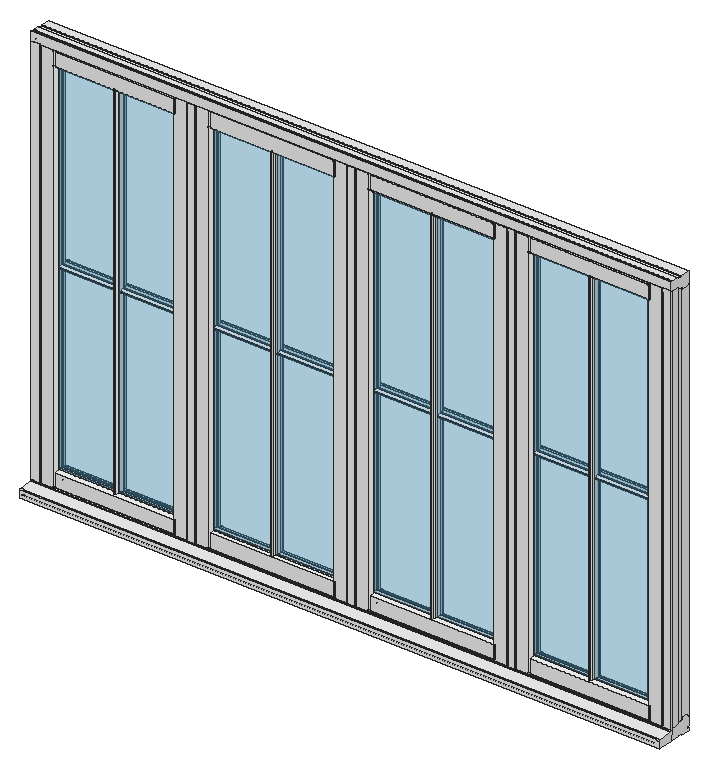
Revit family "C4-4P", category Windows, host Wall, Revit 2012
Parameters
  metal = Matel
  Wood = WindowColor
  Str.Tolrance = 11 mm
  Height = 1770 mm
  Glass = Glass
  Default Sill Height = 914.4 mm
  Wall Closure = By host
  Width = 2752 mm
Reference planes
  plane 1 "Center (Front/Back)": y = 0
  plane 2: z = 0
  plane 3 "Center (Left/Right)": x = 0
  plane 4 "Left": x = -1376
  plane 5 "Right": x = 1376
  plane 6 "Sill": z = 914.4
  plane 7 "Top": z = 2684.4
  plane 8: y = 33.076
  plane 9: z = 2648.4
  plane 10: x = 1336
  plane 11: x = -1336
  plane 12: z = 2644.4
  plane 13: z = 962.4
  plane 14: x = 1278
  plane 15: x = -1278
  plane 16: z = 1024.4
  plane 17: z = 2586.4
  plane 18: z = 2628.4
  plane 19: z = 1799.4
  plane 20: x = 688
  plane 21: x = -688
  plane 22: x = 706
  plane 23: x = 670
  plane 24: x = -706
  plane 25: x = -670
  plane 26: x = 18
  plane 27: x = -18
  plane 28: x = 1021
  plane 29: x = 344
  plane 30: x = -344
  plane 31: x = -1021
Forms (mm)
  Sweep 1, solid, material "Matel" <- "metal"
    path origin (0, 0, 0) x (1, 0, 0) y (0, 0, 1)
      loop
        line (1376, 914.4) -> (1376, 2648.4)
    profile origin (1376, 0, 1781.4) x (-1, 0, 0) y (0, -1, 0)
      loop
        line (0, -10) -> (0, -47) -> (43, -47) -> (43, -44)
        arc (43, -44) -> (50.071, -41.071) -> (53, -34) r 10
        line (53, -34) -> (56, -34) -> (56, -18) -> (36, -18) -> (36, -14) -> (44, -14) -> (44, -4) -> (36, -4) -> (36, -1) -> (44, -1) -> (44, 7) -> (36, 7) -> (36, 31.727)
        arc (36, 31.727) -> (34.922, 33.441) -> (33, 34.079) r 3
        line (33, 34.079) -> (33, 41)
        arc (33, 41) -> (34.834, 41.499) -> (36, 43) r 3
        line (36, 43) -> (36, 47) -> (0, 47) -> (0, 42) -> (2, 42)
        arc (2, 42) -> (5, 39) -> (2, 36) r 3
        line (2, 36) -> (0, 36) -> (0, 10) -> (5, 10) -> (5, -10) -> (0, -10)
  Sweep 2, solid, material "Matel" <- "metal"
    path origin (0, 1.25, 0) x (1, 0, 0) y (0, 0, 1)
      loop
        line (1336, 914.4) -> (1336, 2644.4)
    profile origin (1336, 1.25, 1779.4) x (-1, 0, 0) y (0, -1, 0)
      loop
        arc (8, -10) -> (8.879, -12.121) -> (11, -13) r 3
        line (11, -13) -> (52, -13) -> (52, 35) -> (68, 35) -> (68, 37) -> (58, 47) -> (3, 47)
        arc (3, 47) -> (0.879, 46.121) -> (0, 44) r 3
        line (0, 44) -> (0, 42)
        arc (0, 42) -> (0.879, 39.879) -> (3, 39) r 3
        line (3, 39) -> (8, 39) -> (8, 28)
        arc (8, 28) -> (8.586, 26.586) -> (10, 26) r 2
        line (10, 26) -> (10, 8)
        arc (10, 8) -> (8.586, 7.414) -> (8, 6) r 2
        line (8, 6) -> (8, -10)
  Sweep 3, solid, material "Matel" <- "metal"
    path origin (0, 0, 0) x (-1, 0, 0) y (0, 0, 1)
      loop
        line (1376, 914.4) -> (1376, 2648.4)
    profile origin (-1376, 0, 1781.4) x (-1, 0, 0) y (0, -1, 0)
      loop
        line (0, -10) -> (-5, -10) -> (-5, 10) -> (0, 10) -> (0, 36) -> (-2, 36)
        arc (-2, 36) -> (-5, 39) -> (-2, 42) r 3
        line (-2, 42) -> (0, 42) -> (0, 47) -> (-36, 47) -> (-36, 43)
        arc (-36, 43) -> (-34.834, 41.499) -> (-33, 41) r 3
        line (-33, 41) -> (-33, 34.079)
        arc (-33, 34.079) -> (-34.922, 33.441) -> (-36, 31.727) r 3
        line (-36, 31.727) -> (-36, 7) -> (-44, 7) -> (-44, -1) -> (-36, -1) -> (-36, -4) -> (-44, -4) -> (-44, -14) -> (-36, -14) -> (-36, -18) -> (-56, -18) -> (-56, -34) -> (-53, -34)
        arc (-53, -34) -> (-50.071, -41.071) -> (-43, -44) r 10
        line (-43, -44) -> (-43, -47) -> (0, -47) -> (0, -10)
  Sweep 4, solid, material "Matel" <- "metal"
    path origin (-2484.788, 0, 2651.344) x (0, 0, 1) y (1, 0, 0)
      loop
        line (33.056, 1108.788) -> (33.056, 3860.788)
    profile origin (0, 0, 2684.4) x (0, 0, 1) y (0, -1, 0)
      loop
        line (0, -10) -> (-5, -10) -> (-5, 10) -> (0, 10) -> (0, 36) -> (-2, 36)
        arc (-2, 36) -> (-5, 39) -> (-2, 42) r 3
        line (-2, 42) -> (0, 42) -> (0, 47) -> (-36, 47) -> (-36, 43)
        arc (-36, 43) -> (-34.834, 41.499) -> (-33, 41) r 3
        line (-33, 41) -> (-33, 34.079)
        arc (-33, 34.079) -> (-34.922, 33.441) -> (-36, 31.727) r 3
        line (-36, 31.727) -> (-36, 7) -> (-44, 7) -> (-44, -1) -> (-36, -1) -> (-36, -4) -> (-44, -4) -> (-44, -14) -> (-36, -14) -> (-36, -18) -> (-56, -18) -> (-56, -34) -> (-53, -34)
        arc (-53, -34) -> (-50.071, -41.071) -> (-43, -44) r 10
        line (-43, -44) -> (-43, -47) -> (0, -47) -> (0, -10)
  Sweep 5, solid, material "Matel" <- "metal"
    path origin (0, 0, 0) x (1, 0, 0) y (0, 0, 1)
      loop
        line (1376, 914.4) -> (-1376, 914.4)
    profile origin (0, 0, 914.4) x (0, 0, -1) y (0, -1, 0)
      loop
        line (-55, -46) -> (-20, -46) -> (-20, -36) -> (-10, -36) -> (-10, -46) -> (0, -46) -> (0, -9) -> (-5, -9) -> (-5, 11) -> (0, 11) -> (0, 37) -> (-2, 37)
        arc (-2, 37) -> (-5, 40) -> (-2, 43) r 3
        line (-2, 43) -> (0, 43) -> (0, 48) -> (-23, 48) -> (-23, 43) -> (-38, 43) -> (-38, 48) -> (-41, 48)
        arc (-41, 48) -> (-42.414, 47.414) -> (-43, 46) r 2
        line (-43, 46) -> (-48, 6) -> (-53, 6) -> (-56, -17) -> (-57, -17) -> (-57, -23) -> (-60, -23) -> (-60, -17) -> (-68, -17) -> (-68, -33) -> (-65, -33)
        arc (-65, -33) -> (-62.071, -40.071) -> (-55, -43) r 10
        line (-55, -43) -> (-55, -46)
  Sweep 6, solid, material "Matel" <- "metal"
    path origin (0, 0, 0) x (1, 0, 0) y (0, 0, 1)
      loop
        line (1376, 914.4) -> (-1376, 914.4)
    profile origin (0, 0, 914.4) x (0, 0, -1) y (0, -1, 0)
      loop
        line (-2, 103) -> (0, 103) -> (0, 108) -> (-28, 108)
        arc (-28, 108) -> (-30.068, 107.174) -> (-30.996, 105.149) r 3
        line (-30.996, 105.149) -> (-38, 48) -> (-38, 43) -> (-23, 43) -> (-23, 48) -> (0, 48) -> (0, 97) -> (-2, 97)
        arc (-2, 97) -> (-5, 100) -> (-2, 103) r 3
  Sweep 7, solid, material "Matel" <- "metal"
    path origin (0, 0, 0) x (1, 0, 0) y (0, 0, 1)
      loop
        line (1284, 957.4) -> (758, 957.4)
    profile origin (1021, 0, 957.4) x (0, 0, -1) y (0, -1, 0)
      loop
        line (-12, -11.75) -> (-12, 4.25)
        arc (-12, 4.25) -> (-12.586, 5.664) -> (-14, 6.25) r 2
        line (-14, 6.25) -> (-14, 24.25)
        arc (-14, 24.25) -> (-12.586, 24.836) -> (-12, 26.25) r 2
        line (-12, 26.25) -> (-12, 37.25) -> (-3, 37.25)
        arc (-3, 37.25) -> (-0.879, 38.129) -> (0, 40.25) r 3
        line (0, 40.25) -> (0, 42.25)
        arc (0, 42.25) -> (-0.879, 44.371) -> (-3, 45.25) r 3
        line (-3, 45.25) -> (-62, 45.25) -> (-72, 35.25) -> (-72, 33.25) -> (-56, 33.25) -> (-56, -14.75) -> (-15, -14.75)
        arc (-15, -14.75) -> (-12.879, -13.871) -> (-12, -11.75) r 3
  Sweep 8, solid, material "Matel" <- "metal"
    path origin (0, 0, 0) x (1, 0, 0) y (0, 0, 1)
      loop
        line (1278, 2586.4) -> (764, 2586.4) -> (764, 1019.4) -> (1278, 1019.4) -> (1278, 2586.4)
    profile origin (1021, 0, 2586.4) x (0, 0, -1) y (0, -1, 0)
      loop
        line (-1, -10) -> (-1, -7)
        arc (-1, -7) -> (4.657, -4.657) -> (7, 1) r 8
        line (7, 1) -> (10, 1) -> (10, 5) -> (6, 6) -> (6, 9) -> (-6, 9) -> (-6, -10) -> (-1, -10)
  Sweep 9, solid
    path origin (0, 0, 0) x (1, 0, 0) y (0, 0, 1)
      loop
        line (-764, 2586.4) -> (-1278, 2586.4) -> (-1278, 1024.4) -> (-764, 1024.4) -> (-764, 2586.4)
    profile origin (-1021, 0, 2586.4) x (0, 0, -1) y (0, -1, 0)
      loop
        line (-6, 13.165) -> (4, 13.165) -> (4, 29.165) -> (-6, 29.165) -> (-6, 13.165)
  Extrusion 10, solid, material "Glass" <- "Glass"
    sketch origin (0, 0, 0) x (1, 0, 0) y (0, 0, 1)
      loop
        line (1278, 2586.4) -> (764, 2586.4) -> (764, 1024.4) -> (1278, 1024.4) -> (1278, 2586.4)
      loop
        line (76, 2586.4) -> (76, 1024.4) -> (612, 1024.4) -> (612, 2586.4) -> (76, 2586.4)
      loop
        line (-1284, 2586.4) -> (-1284, 1024.4) -> (-758, 1024.4) -> (-758, 2586.4) -> (-1284, 2586.4)
      loop
        line (-76, 2586.4) -> (-618, 2586.4) -> (-618, 1024.4) -> (-76, 1024.4) -> (-76, 2586.4)
    from 29.165 to 33.165
  Extrusion 11, solid, material "Glass" <- "Glass"
    sketch origin (0, -51.875, 0) x (1, 0, 0) y (0, 0, -1)
      loop
        line (1278, -2586.4) -> (1278, -1024.4) -> (758, -1024.4) -> (758, -2586.4) -> (1278, -2586.4)
      loop
        line (76, -2586.4) -> (612, -2586.4) -> (612, -1025.4) -> (76, -1025.4) -> (76, -2586.4)
      loop
        line (-1278, -2586.4) -> (-764, -2586.4) -> (-764, -1013.4) -> (-1278, -1013.4) -> (-1278, -2586.4)
      loop
        line (-76, -2586.4) -> (-76, -1025.4) -> (-612, -1025.4) -> (-612, -2586.4) -> (-76, -2586.4)
    from 38.875 to 42.875
  Sweep 12, void
    path origin (0, 0, 0) x (1, 0, 0) y (0, 1, 0)
      loop
        line (-1376, 0) -> (1376, 0)
    profile origin (0, 0, 0) x (0, 1, 0) y (0, 0, 1)
      loop
        line (46, 969.4) -> (43, 969.4)
        arc (43, 969.4) -> (40.071, 976.471) -> (33, 979.4) r 10
        line (33, 979.4) -> (33, 982.4) -> (17, 982.4) -> (17, 974.4) -> (23, 974.4) -> (23, 971.4) -> (17, 971.4) -> (17, 970.4) -> (-6, 967.4) -> (-6, 962.4) -> (-46, 957.4)
        arc (-46, 957.4) -> (-47.414, 956.814) -> (-48, 955.4) r 2
        line (-48, 955.4) -> (-48, 952.4) -> (-80.364, 948.378) -> (-105.37, 945.377) -> (-130.37, 942.377)
        arc (-130.37, 942.377) -> (-132.248, 941.386) -> (-133, 939.4) r 3
        line (-133, 939.4) -> (-133, 909.4) -> (57, 909.4) -> (57, 969.4) -> (46, 969.4)
  Sweep 13, void
    path origin (0, 0, 0) x (1, 0, 0) y (0, 1, 0)
      loop
        line (-1376, 0) -> (1376, 0)
    profile origin (0, 0, 0) x (0, 1, 0) y (0, 0, 1)
      loop
        line (47, 2641.4) -> (57, 2641.4) -> (57, 2691.4) -> (-58, 2691.4) -> (-58, 2648.4) -> (-47, 2648.4) -> (-43, 2648.4)
        arc (-43, 2648.4) -> (-41.499, 2649.566) -> (-41, 2651.4) r 3
        line (-41, 2651.4) -> (-34.079, 2651.4)
        arc (-34.079, 2651.4) -> (-33.441, 2649.478) -> (-31.727, 2648.4) r 3
        line (-31.727, 2648.4) -> (-7, 2648.4) -> (-7, 2640.4) -> (1, 2640.4) -> (1, 2648.4) -> (4, 2648.4) -> (4, 2640.4) -> (14, 2640.4) -> (14, 2648.4) -> (18, 2648.4) -> (18, 2628.4) -> (34, 2628.4) -> (34, 2631.4)
        arc (34, 2631.4) -> (41.071, 2634.329) -> (44, 2641.4) r 10
        line (44, 2641.4) -> (47, 2641.4)
  Sweep 14, solid, material "Matel" <- "metal"
    path origin (0, 0, 0) x (1, 0, 0) y (0, 0, 1)
      loop
        line (1278, 1799.4) -> (-1278, 1799.4)
    profile origin (0, 0, 1799.4) x (0, 0, -1) y (0, -1, 0)
      loop
        line (10, -10.711) -> (-10, -10.711) -> (-10, -16.711) -> (-8, -16.711) -> (-8, -19.211)
        arc (-8, -19.211) -> (-6.294, -23.727) -> (-2.5, -26.711) r 9
        line (-2.5, -26.711) -> (-2.5, -28.711) -> (2.5, -28.711) -> (2.5, -26.711)
        arc (2.5, -26.711) -> (6.294, -23.727) -> (8, -19.211) r 9
        line (8, -19.211) -> (8, -16.711) -> (10, -16.711) -> (10, -10.711)
      loop
        line (10, 18.378) -> (2.551, 26.532) -> (2.551, 28.532) -> (-2.449, 28.532) -> (-2.449, 26.532) -> (-10, 15.578) -> (10, 15.578) -> (10, 18.378)
  Sweep 15, solid, material "Matel" <- "metal"
    path origin (0, 0, 0) x (1, 0, 0) y (0, 0, 1)
      loop
        line (1278, 1799.4) -> (-1278, 1799.4)
    profile origin (0, 0, 1799.4) x (0, 0, -1) y (0, -1, 0)
      loop
        line (10, -5.465) -> (10, 10.535) -> (-10, 10.535) -> (-10, -5.465) -> (10, -5.465)
  Sweep 16, solid, material "Matel" <- "metal"
    path origin (0, 0, 0) x (1, 0, 0) y (0, 0, 1)
      loop
        line (688, 2644.4) -> (688, 952.4)
    profile origin (688, 0, 1798.4) x (0, -1, 0) y (1, 0, 0)
      loop
        line (43, -14) -> (47, -14) -> (47, 14) -> (43, 14)
        arc (43, 14) -> (41.586, 13.414) -> (41, 12) r 2
        line (41, 12) -> (41, 11) -> (34, 11) -> (34, 12)
        arc (34, 12) -> (33.414, 13.414) -> (32, 14) r 2
        line (32, 14) -> (7, 14) -> (7, 20) -> (-1, 20) -> (-1, 14) -> (-4, 14) -> (-4, 22) -> (-14, 22) -> (-14, 14) -> (-18, 14) -> (-18, 34) -> (-34, 34) -> (-34, 31)
        arc (-34, 31) -> (-41.071, 28.071) -> (-44, 21) r 10
        line (-44, 21) -> (-47, 21) -> (-47, -21) -> (-44, -21)
        arc (-44, -21) -> (-41.071, -28.071) -> (-34, -31) r 10
        line (-34, -31) -> (-34, -34) -> (-18, -34) -> (-18, -14) -> (-14, -14) -> (-14, -22) -> (-4, -22) -> (-4, -14) -> (-1, -14) -> (-1, -20) -> (7, -20) -> (7, -14) -> (32, -14)
        arc (32, -14) -> (33.414, -13.414) -> (34, -12) r 2
        line (34, -12) -> (34, -11) -> (41, -11) -> (41, -12)
        arc (41, -12) -> (41.586, -13.414) -> (43, -14) r 2
  Sweep 17, solid, material "Matel" <- "metal"
    path origin (0, 0, 0) x (-1, 0, 0) y (0, 0, 1)
      loop
        line (688, 2644.4) -> (688, 952.4)
    profile origin (-688, 0, 1798.4) x (0, -1, 0) y (1, 0, 0)
      loop
        arc (43, 14) -> (41.586, 13.414) -> (41, 12) r 2
        line (41, 12) -> (41, 11) -> (34, 11) -> (34, 12)
        arc (34, 12) -> (33.414, 13.414) -> (32, 14) r 2
        line (32, 14) -> (7, 14) -> (7, 20) -> (-1, 20) -> (-1, 14) -> (-4, 14) -> (-4, 22) -> (-14, 22) -> (-14, 14) -> (-18, 14) -> (-18, 34) -> (-34, 34) -> (-34, 31)
        arc (-34, 31) -> (-41.071, 28.071) -> (-44, 21) r 10
        line (-44, 21) -> (-47, 21) -> (-47, -21) -> (-44, -21)
        arc (-44, -21) -> (-41.071, -28.071) -> (-34, -31) r 10
        line (-34, -31) -> (-34, -34) -> (-18, -34) -> (-18, -14) -> (-14, -14) -> (-14, -22) -> (-4, -22) -> (-4, -14) -> (-1, -14) -> (-1, -20) -> (7, -20) -> (7, -14) -> (32, -14)
        arc (32, -14) -> (33.414, -13.414) -> (34, -12) r 2
        line (34, -12) -> (34, -11) -> (41, -11) -> (41, -12)
        arc (41, -12) -> (41.586, -13.414) -> (43, -14) r 2
        line (43, -14) -> (47, -14) -> (47, 14) -> (43, 14)
  Sweep 18, solid, material "Matel" <- "metal"
    path origin (680, 0, 0) x (-1, 0, 0) y (0, 0, 1)
      loop
        line (680, 2644.4) -> (680, 952.4)
    profile origin (0, 0, 1798.4) x (0, -1, 0) y (1, 0, 0)
      loop
        arc (43, 14) -> (41.586, 13.414) -> (41, 12) r 2
        line (41, 12) -> (41, 11) -> (34, 11) -> (34, 12)
        arc (34, 12) -> (33.414, 13.414) -> (32, 14) r 2
        line (32, 14) -> (7, 14) -> (7, 20) -> (-1, 20) -> (-1, 14) -> (-4, 14) -> (-4, 22) -> (-14, 22) -> (-14, 14) -> (-18, 14) -> (-18, 34) -> (-34, 34) -> (-34, 31)
        arc (-34, 31) -> (-41.071, 28.071) -> (-44, 21) r 10
        line (-44, 21) -> (-47, 21) -> (-47, -21) -> (-44, -21)
        arc (-44, -21) -> (-41.071, -28.071) -> (-34, -31) r 10
        line (-34, -31) -> (-34, -34) -> (-18, -34) -> (-18, -14) -> (-14, -14) -> (-14, -22) -> (-4, -22) -> (-4, -14) -> (-1, -14) -> (-1, -20) -> (7, -20) -> (7, -14) -> (32, -14)
        arc (32, -14) -> (33.414, -13.414) -> (34, -12) r 2
        line (34, -12) -> (34, -11) -> (41, -11) -> (41, -12)
        arc (41, -12) -> (41.586, -13.414) -> (43, -14) r 2
        line (43, -14) -> (47, -14) -> (47, 14) -> (43, 14)
  Sweep 19, solid, material "Matel" <- "metal"
    path origin (1376, 1.25, 0) x (-1, 0, 0) y (0, 0, 1)
      loop
        line (1358, 914.4) -> (1358, 2644.4)
    profile origin (18, 1.25, 1779.4) x (-1, 0, 0) y (0, -1, 0)
      loop
        line (-8, -10) -> (-8, 6)
        arc (-8, 6) -> (-8.586, 7.414) -> (-10, 8) r 2
        line (-10, 8) -> (-10, 26)
        arc (-10, 26) -> (-8.586, 26.586) -> (-8, 28) r 2
        line (-8, 28) -> (-8, 39) -> (-3, 39)
        arc (-3, 39) -> (-0.879, 39.879) -> (0, 42) r 3
        line (0, 42) -> (0, 44)
        arc (0, 44) -> (-0.879, 46.121) -> (-3, 47) r 3
        line (-3, 47) -> (-58, 47) -> (-68, 37) -> (-68, 35) -> (-52, 35) -> (-52, -13) -> (-11, -13)
        arc (-11, -13) -> (-8.879, -12.121) -> (-8, -10) r 3
  Sweep 20, solid, material "Matel" <- "metal"
    path origin (-1376, 0, 0) x (1, 0, 0) y (0, 0, 1)
      loop
        line (1358, 914.4) -> (1358, 2644.4)
    profile origin (-18, 0, 1779.4) x (-1, 0, 0) y (0, -1, 0)
      loop
        arc (8, -11.25) -> (8.879, -13.371) -> (11, -14.25) r 3
        line (11, -14.25) -> (52, -14.25) -> (52, 33.75) -> (68, 33.75) -> (68, 35.75) -> (58, 45.75) -> (3, 45.75)
        arc (3, 45.75) -> (0.879, 44.871) -> (0, 42.75) r 3
        line (0, 42.75) -> (0, 40.75)
        arc (0, 40.75) -> (0.879, 38.629) -> (3, 37.75) r 3
        line (3, 37.75) -> (8, 37.75) -> (8, 26.75)
        arc (8, 26.75) -> (8.586, 25.336) -> (10, 24.75) r 2
        line (10, 24.75) -> (10, 6.75)
        arc (10, 6.75) -> (8.586, 6.164) -> (8, 4.75) r 2
        line (8, 4.75) -> (8, -11.25)
  Sweep 21, solid, material "Matel" <- "metal"
    path origin (0, 1.25, 0) x (-1, 0, 0) y (0, 0, 1)
      loop
        line (1336, 914.4) -> (1336, 2644.4)
    profile origin (-1336, 1.25, 1779.4) x (-1, 0, 0) y (0, -1, 0)
      loop
        line (-8, -10) -> (-8, 6)
        arc (-8, 6) -> (-8.586, 7.414) -> (-10, 8) r 2
        line (-10, 8) -> (-10, 26)
        arc (-10, 26) -> (-8.586, 26.586) -> (-8, 28) r 2
        line (-8, 28) -> (-8, 39) -> (-3, 39)
        arc (-3, 39) -> (-0.879, 39.879) -> (0, 42) r 3
        line (0, 42) -> (0, 44)
        arc (0, 44) -> (-0.879, 46.121) -> (-3, 47) r 3
        line (-3, 47) -> (-58, 47) -> (-68, 37) -> (-68, 35) -> (-52, 35) -> (-52, -13) -> (-11, -13)
        arc (-11, -13) -> (-8.879, -12.121) -> (-8, -10) r 3
  Sweep 22, solid, material "Matel" <- "metal"
    path origin (1376, 0, 0) x (-1, 0, 0) y (0, 0, 1)
      loop
        line (1306, 957.4) -> (758, 957.4)
    profile origin (344, 0, 957.4) x (0, 0, 1) y (0, -1, 0)
      loop
        arc (12, -11.75) -> (12.879, -13.871) -> (15, -14.75) r 3
        line (15, -14.75) -> (56, -14.75) -> (56, 33.25) -> (72, 33.25) -> (72, 35.25) -> (62, 45.25) -> (3, 45.25)
        arc (3, 45.25) -> (0.879, 44.371) -> (0, 42.25) r 3
        line (0, 42.25) -> (0, 40.25)
        arc (0, 40.25) -> (0.879, 38.129) -> (3, 37.25) r 3
        line (3, 37.25) -> (12, 37.25) -> (12, 26.25)
        arc (12, 26.25) -> (12.586, 24.836) -> (14, 24.25) r 2
        line (14, 24.25) -> (14, 6.25)
        arc (14, 6.25) -> (12.586, 5.664) -> (12, 4.25) r 2
        line (12, 4.25) -> (12, -11.75)
  Sweep 23, solid, material "Matel" <- "metal"
    path origin (0, 0, 0) x (-1, 0, 0) y (0, 0, 1)
      loop
        line (1284, 957.4) -> (758, 957.4)
    profile origin (-1021, 0, 957.4) x (0, 0, 1) y (0, -1, 0)
      loop
        arc (12, -11.75) -> (12.879, -13.871) -> (15, -14.75) r 3
        line (15, -14.75) -> (56, -14.75) -> (56, 33.25) -> (72, 33.25) -> (72, 35.25) -> (62, 45.25) -> (3, 45.25)
        arc (3, 45.25) -> (0.879, 44.371) -> (0, 42.25) r 3
        line (0, 42.25) -> (0, 40.25)
        arc (0, 40.25) -> (0.879, 38.129) -> (3, 37.25) r 3
        line (3, 37.25) -> (12, 37.25) -> (12, 26.25)
        arc (12, 26.25) -> (12.586, 24.836) -> (14, 24.25) r 2
        line (14, 24.25) -> (14, 6.25)
        arc (14, 6.25) -> (12.586, 5.664) -> (12, 4.25) r 2
        line (12, 4.25) -> (12, -11.75)
  Sweep 24, solid, material "Matel" <- "metal"
    path origin (-1376, 0, 0) x (1, 0, 0) y (0, 0, 1)
      loop
        line (1306, 957.4) -> (758, 957.4)
    profile origin (-344, 0, 957.4) x (0, 0, -1) y (0, -1, 0)
      loop
        line (-12, -11.75) -> (-12, 4.25)
        arc (-12, 4.25) -> (-12.586, 5.664) -> (-14, 6.25) r 2
        line (-14, 6.25) -> (-14, 24.25)
        arc (-14, 24.25) -> (-12.586, 24.836) -> (-12, 26.25) r 2
        line (-12, 26.25) -> (-12, 37.25) -> (-3, 37.25)
        arc (-3, 37.25) -> (-0.879, 38.129) -> (0, 40.25) r 3
        line (0, 40.25) -> (0, 42.25)
        arc (0, 42.25) -> (-0.879, 44.371) -> (-3, 45.25) r 3
        line (-3, 45.25) -> (-62, 45.25) -> (-72, 35.25) -> (-72, 33.25) -> (-56, 33.25) -> (-56, -14.75) -> (-15, -14.75)
        arc (-15, -14.75) -> (-12.879, -13.871) -> (-12, -11.75) r 3
  Sweep 25, solid, material "Matel" <- "metal"
    path origin (-688, 0, 0) x (1, 0, 0) y (0, 0, 1)
      loop
        line (1300, 2586.4) -> (764, 2586.4) -> (764, 1019.4) -> (1300, 1019.4) -> (1300, 2586.4)
    profile origin (344, 0, 2586.4) x (0, 0, -1) y (0, -1, 0)
      loop
        line (-1, -10) -> (-1, -7)
        arc (-1, -7) -> (4.657, -4.657) -> (7, 1) r 8
        line (7, 1) -> (10, 1) -> (10, 5) -> (6, 6) -> (6, 9) -> (-6, 9) -> (-6, -10) -> (-1, -10)
  Sweep 26, solid, material "Matel" <- "metal"
    path origin (-1376, 0, 0) x (1, 0, 0) y (0, 0, 1)
      loop
        line (1300, 2586.4) -> (764, 2586.4) -> (764, 1019.4) -> (1300, 1019.4) -> (1300, 2586.4)
    profile origin (-344, 0, 2586.4) x (0, 0, -1) y (0, -1, 0)
      loop
        line (-1, -10) -> (-1, -7)
        arc (-1, -7) -> (4.657, -4.657) -> (7, 1) r 8
        line (7, 1) -> (10, 1) -> (10, 5) -> (6, 6) -> (6, 9) -> (-6, 9) -> (-6, -10) -> (-1, -10)
  Sweep 27, solid, material "Matel" <- "metal"
    path origin (-2042, 0, 0) x (1, 0, 0) y (0, 0, 1)
      loop
        line (1278, 2586.4) -> (764, 2586.4) -> (764, 1019.4) -> (1278, 1019.4) -> (1278, 2586.4)
    profile origin (-1021, 0, 2586.4) x (0, 0, -1) y (0, -1, 0)
      loop
        line (-1, -10) -> (-1, -7)
        arc (-1, -7) -> (4.657, -4.657) -> (7, 1) r 8
        line (7, 1) -> (10, 1) -> (10, 5) -> (6, 6) -> (6, 9) -> (-6, 9) -> (-6, -10) -> (-1, -10)
  Sweep 28, solid
    path origin (-1376, 0, 0) x (-1, 0, 0) y (0, 0, 1)
      loop
        line (-764, 2586.4) -> (-1300, 2586.4) -> (-1300, 1024.4) -> (-764, 1024.4) -> (-764, 2586.4)
    profile origin (-344, 0, 2586.4) x (0, 0, 1) y (0, -1, 0)
      loop
        line (6, 13.165) -> (6, 29.165) -> (-4, 29.165) -> (-4, 13.165) -> (6, 13.165)
  Sweep 29, solid
    path origin (-688, -0.022, 0) x (-1, 0, 0) y (0, 0, 1)
      loop
        line (-764, 2586.4) -> (-1300, 2586.4) -> (-1300, 1024.4) -> (-764, 1024.4) -> (-764, 2586.4)
    profile origin (344, -0.022, 2586.4) x (0, 0, 1) y (0, -1, 0)
      loop
        line (6, 13.165) -> (6, 29.165) -> (-4, 29.165) -> (-4, 13.165) -> (6, 13.165)
  Sweep 30, solid
    path origin (0, 0, 0) x (-1, 0, 0) y (0, 0, 1)
      loop
        line (-764, 2586.4) -> (-1278, 2586.4) -> (-1278, 1024.4) -> (-764, 1024.4) -> (-764, 2586.4)
    profile origin (1021, 0, 2586.4) x (0, 0, 1) y (0, -1, 0)
      loop
        line (6, 13.165) -> (6, 29.165) -> (-4, 29.165) -> (-4, 13.165) -> (6, 13.165)
  Sweep 31, solid, material "Matel" <- "metal", detail levels fine
    path origin (-3064.076, 0, 1202.24) x (0, 0, 1) y (-1, 0, 0)
      loop
        line (1384.16, -4085.076) -> (-177.84, -4085.076)
    profile origin (1021, 0, 1805.4) x (0, -1, 0) y (1, 0, 0)
      loop
        line (5.539, 10) -> (-0.461, 10) -> (-0.461, 8) -> (-2.961, 8)
        arc (-2.961, 8) -> (-7.477, 6.294) -> (-10.461, 2.5) r 9
        line (-10.461, 2.5) -> (-12.461, 2.5) -> (-12.461, -2.5) -> (-10.461, -2.5)
        arc (-10.461, -2.5) -> (-7.477, -6.294) -> (-2.961, -8) r 9
        line (-2.961, -8) -> (-0.461, -8) -> (-0.461, -10) -> (5.539, -10) -> (5.539, 10)
      loop
        line (34.628, 10) -> (31.828, 10) -> (31.828, -10) -> (42.782, -2.449) -> (44.782, -2.449) -> (44.782, 2.551) -> (42.782, 2.551) -> (34.628, 10)
  Sweep 32, solid, material "Matel" <- "metal", detail levels fine
    path origin (-7999.4, 0, 1799.4) x (0, 0, -1) y (1, 0, 0)
      loop
        line (775, 9020.4) -> (-787, 9020.4)
    profile origin (1021, 0, 1805.4) x (-1, 0, 0) y (0, -1, 0)
      loop
        line (10, 11.41) -> (10, 27.41) -> (-10, 27.41) -> (-10, 11.41) -> (10, 11.41)
  Sweep 33, solid, material "Matel" <- "metal", detail levels fine
    path origin (-7143.981, 0, 1775.633) x (0, 0, 1) y (-1, 0, 0)
      loop
        line (810.767, -7487.981) -> (-751.233, -7487.981)
    profile origin (344, 0, 1805.4) x (0, -1, 0) y (1, 0, 0)
      loop
        line (5.539, 10) -> (-0.461, 10) -> (-0.461, 8) -> (-2.961, 8)
        arc (-2.961, 8) -> (-7.477, 6.294) -> (-10.461, 2.5) r 9
        line (-10.461, 2.5) -> (-12.461, 2.5) -> (-12.461, -2.5) -> (-10.461, -2.5)
        arc (-10.461, -2.5) -> (-7.477, -6.294) -> (-2.961, -8) r 9
        line (-2.961, -8) -> (-0.461, -8) -> (-0.461, -10) -> (5.539, -10) -> (5.539, 10)
      loop
        line (34.628, 10) -> (31.828, 10) -> (31.828, -10) -> (42.782, -2.449) -> (44.782, -2.449) -> (44.782, 2.551) -> (42.782, 2.551) -> (34.628, 10)
  Sweep 34, solid, material "Matel" <- "metal", detail levels fine
    path origin (-8674.4, 0, 1799.4) x (0, 0, -1) y (1, 0, 0)
      loop
        line (775, 9018.4) -> (-787, 9018.4)
    profile origin (344, 0, 1805.4) x (-1, 0, 0) y (0, -1, 0)
      loop
        line (10, 11.41) -> (10, 27.41) -> (-10, 27.41) -> (-10, 11.41) -> (10, 11.41)
  Sweep 35, solid, material "Matel" <- "metal", detail levels fine
    path origin (-7821.981, 0, 1720.633) x (0, 0, 1) y (-1, 0, 0)
      loop
        line (865.767, -7477.981) -> (-696.233, -7477.981)
    profile origin (-344, 0, 1805.4) x (0, -1, 0) y (1, 0, 0)
      loop
        line (5.539, 10) -> (-0.461, 10) -> (-0.461, 8) -> (-2.961, 8)
        arc (-2.961, 8) -> (-7.477, 6.294) -> (-10.461, 2.5) r 9
        line (-10.461, 2.5) -> (-12.461, 2.5) -> (-12.461, -2.5) -> (-10.461, -2.5)
        arc (-10.461, -2.5) -> (-7.477, -6.294) -> (-2.961, -8) r 9
        line (-2.961, -8) -> (-0.461, -8) -> (-0.461, -10) -> (5.539, -10) -> (5.539, 10)
      loop
        line (34.628, 10) -> (31.828, 10) -> (31.828, -10) -> (42.782, -2.449) -> (44.782, -2.449) -> (44.782, 2.551) -> (42.782, 2.551) -> (34.628, 10)
  Sweep 36, solid, material "Matel" <- "metal", detail levels fine
    path origin (-9362.4, 0, 2036.297) x (0, 0, -1) y (1, 0, 0)
      loop
        line (1011.897, 9018.4) -> (-550.103, 9018.4)
    profile origin (-344, 0, 1805.4) x (-1, 0, 0) y (0, -1, 0)
      loop
        line (10, 11.41) -> (10, 27.41) -> (-10, 27.41) -> (-10, 11.41) -> (10, 11.41)
  Sweep 37, solid, material "Matel" <- "metal", detail levels fine
    path origin (-10680.238, 0, 1820.446) x (0, 0, 1) y (-1, 0, 0)
      loop
        line (765.954, -9659.238) -> (-796.046, -9659.238)
    profile origin (-1021, 0, 1805.4) x (0, -1, 0) y (1, 0, 0)
      loop
        line (5.539, 10) -> (-0.461, 10) -> (-0.461, 8) -> (-2.961, 8)
        arc (-2.961, 8) -> (-7.477, 6.294) -> (-10.461, 2.5) r 9
        line (-10.461, 2.5) -> (-12.461, 2.5) -> (-12.461, -2.5) -> (-10.461, -2.5)
        arc (-10.461, -2.5) -> (-7.477, -6.294) -> (-2.961, -8) r 9
        line (-2.961, -8) -> (-0.461, -8) -> (-0.461, -10) -> (5.539, -10) -> (5.539, 10)
      loop
        line (34.628, 10) -> (31.828, 10) -> (31.828, -10) -> (42.782, -2.449) -> (44.782, -2.449) -> (44.782, 2.551) -> (42.782, 2.551) -> (34.628, 10)
  Sweep 38, solid, material "Matel" <- "metal", detail levels fine
    path origin (-9982.4, 0, 2036.297) x (0, 0, -1) y (1, 0, 0)
      loop
        line (1011.897, 8961.4) -> (-550.103, 8961.4)
    profile origin (-1021, 0, 1805.4) x (-1, 0, 0) y (0, -1, 0)
      loop
        line (10, 11.41) -> (10, 27.41) -> (-10, 27.41) -> (-10, 11.41) -> (10, 11.41)
  Sweep 39, solid, material "Matel" <- "metal"
    path origin (688, 0, 0) x (-1, 0, 0) y (0, 0, 1)
      loop
        line (1358, 914.4) -> (1358, 2644.4)
    profile origin (-670, 0, 1779.4) x (-1, 0, 0) y (0, -1, 0)
      loop
        line (-8, -11.25) -> (-8, 4.75)
        arc (-8, 4.75) -> (-8.586, 6.164) -> (-10, 6.75) r 2
        line (-10, 6.75) -> (-10, 24.75)
        arc (-10, 24.75) -> (-8.586, 25.336) -> (-8, 26.75) r 2
        line (-8, 26.75) -> (-8, 37.75) -> (-3, 37.75)
        arc (-3, 37.75) -> (-0.879, 38.629) -> (0, 40.75) r 3
        line (0, 40.75) -> (0, 42.75)
        arc (0, 42.75) -> (-0.879, 44.871) -> (-3, 45.75) r 3
        line (-3, 45.75) -> (-58, 45.75) -> (-68, 35.75) -> (-68, 33.75) -> (-52, 33.75) -> (-52, -14.25) -> (-11, -14.25)
        arc (-11, -14.25) -> (-8.879, -13.371) -> (-8, -11.25) r 3
  Sweep 40, solid, material "Matel" <- "metal"
    path origin (-1376, 1.75, 4118.005) x (1, 0, 0) y (0, 0, -1)
      loop
        line (1306, 1473.605) -> (758, 1473.605)
    profile origin (-344, 1.75, 2644.4) x (0, 0, -1) y (0, -1, 0)
      loop
        arc (12, -10) -> (12.879, -12.121) -> (15, -13) r 3
        line (15, -13) -> (56, -13) -> (56, 35) -> (72, 35) -> (72, 37) -> (62, 47) -> (3, 47)
        arc (3, 47) -> (0.879, 46.121) -> (0, 44) r 3
        line (0, 44) -> (0, 42)
        arc (0, 42) -> (0.879, 39.879) -> (3, 39) r 3
        line (3, 39) -> (12, 39) -> (12, 28)
        arc (12, 28) -> (12.586, 26.586) -> (14, 26) r 2
        line (14, 26) -> (14, 8)
        arc (14, 8) -> (12.586, 7.414) -> (12, 6) r 2
        line (12, 6) -> (12, -10)
  Sweep 41, solid, material "Matel" <- "metal"
    path origin (-2042, 1.25, 0) x (1, 0, 0) y (0, 0, 1)
      loop
        line (1336, 914.4) -> (1336, 2644.4)
    profile origin (-706, 1.25, 1779.4) x (-1, 0, 0) y (0, -1, 0)
      loop
        arc (8, -10) -> (8.879, -12.121) -> (11, -13) r 3
        line (11, -13) -> (52, -13) -> (52, 35) -> (68, 35) -> (68, 37) -> (58, 47) -> (3, 47)
        arc (3, 47) -> (0.879, 46.121) -> (0, 44) r 3
        line (0, 44) -> (0, 42)
        arc (0, 42) -> (0.879, 39.879) -> (3, 39) r 3
        line (3, 39) -> (8, 39) -> (8, 28)
        arc (8, 28) -> (8.586, 26.586) -> (10, 26) r 2
        line (10, 26) -> (10, 8)
        arc (10, 8) -> (8.586, 7.414) -> (8, 6) r 2
        line (8, 6) -> (8, -10)
  Sweep 42, solid, material "Matel" <- "metal"
    path origin (-688, 1.25, 0) x (1, 0, 0) y (0, 0, 1)
      loop
        line (1358, 914.4) -> (1358, 2644.4)
    profile origin (670, 1.25, 1779.4) x (-1, 0, 0) y (0, -1, 0)
      loop
        arc (8, -10) -> (8.879, -12.121) -> (11, -13) r 3
        line (11, -13) -> (52, -13) -> (52, 35) -> (68, 35) -> (68, 37) -> (58, 47) -> (3, 47)
        arc (3, 47) -> (0.879, 46.121) -> (0, 44) r 3
        line (0, 44) -> (0, 42)
        arc (0, 42) -> (0.879, 39.879) -> (3, 39) r 3
        line (3, 39) -> (8, 39) -> (8, 28)
        arc (8, 28) -> (8.586, 26.586) -> (10, 26) r 2
        line (10, 26) -> (10, 8)
        arc (10, 8) -> (8.586, 7.414) -> (8, 6) r 2
        line (8, 6) -> (8, -10)
  Sweep 43, solid, material "Matel" <- "metal"
    path origin (2042, 1.25, 0) x (-1, 0, 0) y (0, 0, -1)
      loop
        line (1336, -914.4) -> (1336, -2644.4)
    profile origin (706, 1.25, 1779.4) x (-1, 0, 0) y (0, -1, 0)
      loop
        line (-8, -10) -> (-8, 6)
        arc (-8, 6) -> (-8.586, 7.414) -> (-10, 8) r 2
        line (-10, 8) -> (-10, 26)
        arc (-10, 26) -> (-8.586, 26.586) -> (-8, 28) r 2
        line (-8, 28) -> (-8, 39) -> (-3, 39)
        arc (-3, 39) -> (-0.879, 39.879) -> (0, 42) r 3
        line (0, 42) -> (0, 44)
        arc (0, 44) -> (-0.879, 46.121) -> (-3, 47) r 3
        line (-3, 47) -> (-58, 47) -> (-68, 37) -> (-68, 35) -> (-52, 35) -> (-52, -13) -> (-11, -13)
        arc (-11, -13) -> (-8.879, -12.121) -> (-8, -10) r 3
  Sweep 44, solid, material "Matel" <- "metal"
    path origin (-1916, 1.75, 4118.005) x (1, 0, 0) y (0, 0, 1)
      loop
        line (1158, -1473.605) -> (632, -1473.605)
    profile origin (-1021, 1.75, 2644.4) x (0, 0, -1) y (0, -1, 0)
      loop
        arc (12, -10) -> (12.879, -12.121) -> (15, -13) r 3
        line (15, -13) -> (56, -13) -> (56, 35) -> (72, 35) -> (72, 37) -> (62, 47) -> (3, 47)
        arc (3, 47) -> (0.879, 46.121) -> (0, 44) r 3
        line (0, 44) -> (0, 42)
        arc (0, 42) -> (0.879, 39.879) -> (3, 39) r 3
        line (3, 39) -> (12, 39) -> (12, 28)
        arc (12, 28) -> (12.586, 26.586) -> (14, 26) r 2
        line (14, 26) -> (14, 8)
        arc (14, 8) -> (12.586, 7.414) -> (12, 6) r 2
        line (12, 6) -> (12, -10)
  Sweep 45, solid, material "Matel" <- "metal"
    path origin (-681.507, 1.75, 4118.005) x (1, 0, 0) y (0, 0, 1)
      loop
        line (1299.507, -1473.605) -> (751.507, -1473.605)
    profile origin (344, 1.75, 2644.4) x (0, 0, -1) y (0, -1, 0)
      loop
        arc (12, -10) -> (12.879, -12.121) -> (15, -13) r 3
        line (15, -13) -> (56, -13) -> (56, 35) -> (72, 35) -> (72, 37) -> (62, 47) -> (3, 47)
        arc (3, 47) -> (0.879, 46.121) -> (0, 44) r 3
        line (0, 44) -> (0, 42)
        arc (0, 42) -> (0.879, 39.879) -> (3, 39) r 3
        line (3, 39) -> (12, 39) -> (12, 28)
        arc (12, 28) -> (12.586, 26.586) -> (14, 26) r 2
        line (14, 26) -> (14, 8)
        arc (14, 8) -> (12.586, 7.414) -> (12, 6) r 2
        line (12, 6) -> (12, -10)
  Sweep 46, solid, material "Matel" <- "metal"
    path origin (98.493, 1.75, 4118.005) x (1, 0, 0) y (0, 0, 1)
      loop
        line (1185.507, -1473.605) -> (659.507, -1473.605)
    profile origin (1021, 1.75, 2644.4) x (0, 0, -1) y (0, -1, 0)
      loop
        arc (12, -10) -> (12.879, -12.121) -> (15, -13) r 3
        line (15, -13) -> (56, -13) -> (56, 35) -> (72, 35) -> (72, 37) -> (62, 47) -> (3, 47)
        arc (3, 47) -> (0.879, 46.121) -> (0, 44) r 3
        line (0, 44) -> (0, 42)
        arc (0, 42) -> (0.879, 39.879) -> (3, 39) r 3
        line (3, 39) -> (12, 39) -> (12, 28)
        arc (12, 28) -> (12.586, 26.586) -> (14, 26) r 2
        line (14, 26) -> (14, 8)
        arc (14, 8) -> (12.586, 7.414) -> (12, 6) r 2
        line (12, 6) -> (12, -10)
Cuts and joins
  Sweep 12, Sweep 13 cuts Sweep 1
  Sweep 12 cuts Sweep 2
  Sweep 12, Sweep 13 cuts Sweep 3
Lines and regions (mm)
  Opening 1
    outline origin (-1524, -47, 0) x (1, 0, 0) y (0, 0, 1)
      loop
        line (148, 2684.4) -> (148, 914.4) -> (2900, 914.4) -> (2900, 2684.4) -> (148, 2684.4)
Text (mm)
  text "EXTERIOR" at (-1490.695, 1293.036, 0), in view "Ref. Level"
  text "INTERIOR" at (-1490.695, -959.266, 0), in view "Ref. Level"
  text "Exterior" at (0, 1108.87, 3129.179), in view "Left"
  text "Exterior" at (0, 464.664, 3176.206), in view "Right"
Dimensions and locks
  equal spacing: plane 4 "Left", plane 3 "Center (Left/Right)", plane 5 "Right"  (x2)
  "Height": plane 6 "Sill" to plane 7 "Top"
  "Default Sill Height": plane 2 to plane 6 "Sill"
  plane 6 "Sill" to plane 7 "Top" = 1770 mm
  "Width": plane 4 "Left" to plane 5 "Right"
  locked: plane 9 to plane 7 "Top" at 36
  plane 10 to plane 5 "Right" = 40 mm
  plane 11 to plane 4 "Left" = 40 mm
  locked: plane 12 to plane 7 "Top" at 40
  locked: plane 6 "Sill" to plane 13 at 48
  locked: plane 5 "Right" to plane 14 at 98
  locked: plane 4 "Left" to plane 15 at 98
  locked: plane 6 "Sill" to plane 16 at 110
  locked: plane 17 to plane 7 "Top" at 98
  locked: Extrusion 10 to Extrusion 10 at 4
  locked: Extrusion 11 to Extrusion 11 at 4
  equal spacing: plane 6 "Sill", plane 19, plane 7 "Top"
  equal spacing: plane 3 "Center (Left/Right)", plane 21, plane 4 "Left"
  equal spacing: plane 5 "Right", plane 20, plane 3 "Center (Left/Right)"
  locked: plane 22 to plane 20 at 18
  locked: plane 20 to plane 23 at 18
  locked: plane 25 to plane 21 at 18
  locked: plane 21 to plane 24 at 18
  locked: plane 3 "Center (Left/Right)" to plane 27 at 18
  locked: plane 26 to plane 3 "Center (Left/Right)" at 18
  equal spacing: plane 22, plane 28, plane 10
  equal spacing: plane 23, plane 29, plane 26
  equal spacing: plane 27, plane 30, plane 25
  equal spacing: plane 11, plane 31, plane 24
  aligned and locked: plane 7 "Top" to Opening 1 sketch curve
  aligned and locked: plane 6 "Sill" to Opening 1 sketch curve  (x2)
  aligned and locked: plane 5 "Right" to Opening 1 sketch curve
  aligned and locked: plane 4 "Left" to Opening 1 sketch curve
  aligned and locked: level to plane 2
  aligned and locked: plane 5 "Right" to Sweep 1 sketch curve
  aligned and locked: plane 10 to Sweep 2 sketch curve
  aligned and locked: plane 9 to Sweep 1 sketch curve
  aligned and locked: plane 4 "Left" to Sweep 3 sketch curve
  aligned and locked: plane 9 to Sweep 3 sketch curve
  aligned and locked: plane 5 "Right" to Sweep 4 sketch curve
  aligned and locked: plane 4 "Left" to Sweep 4 sketch curve
  aligned and locked: plane 4 "Left" to Sweep 5 sketch curve
  aligned and locked: plane 5 "Right" to Sweep 5 sketch curve
  aligned and locked: Sweep 8 sketch curve to plane 14
  aligned and locked: Sweep 8 sketch curve to plane 17
  aligned and locked: Sweep 9 sketch curve to plane 15
  aligned and locked: plane 17 to Sweep 9 sketch curve
  aligned and locked: Sweep 9 sketch curve to plane 16
  aligned and locked: plane 16 to Extrusion 10 sketch curve
  aligned and locked: Extrusion 10 sketch curve to plane 17
  aligned and locked: Extrusion 10 sketch curve to plane 14
  aligned and locked: Extrusion 10 to Sweep 9
  aligned and locked: plane 6 "Sill" to Sweep 5
  aligned and locked: plane 6 "Sill" to Sweep 6
  aligned and locked: Sweep 4 to plane 7 "Top"
  aligned and locked: Sweep 7 sketch curve to Sweep 5
  aligned and locked: plane 14 to Sweep 14 sketch curve
  aligned and locked: plane 15 to Sweep 14 sketch curve
  aligned and locked: Sweep 14 sketch curve to plane 19
  aligned and locked: plane 14 to Sweep 15 sketch curve
  aligned and locked: plane 15 to Sweep 15 sketch curve
  aligned and locked: Sweep 15 sketch curve to plane 19
  aligned and locked: plane 12 to Sweep 16 sketch curve
  aligned and locked: plane 20 to Sweep 16 sketch curve
  aligned and locked: Sweep 6 to Sweep 16 sketch curve
  aligned and locked: plane 21 to Sweep 17 sketch curve
  aligned and locked: plane 12 to Sweep 17 sketch curve
  aligned and locked: Sweep 6 to Sweep 17 sketch curve
  aligned and locked: plane 3 "Center (Left/Right)" to Sweep 18 sketch curve
  aligned and locked: plane 12 to Sweep 18 sketch curve
  aligned and locked: Sweep 6 to Sweep 18 sketch curve
  aligned and locked: Sweep 7 to Sweep 8 sketch curve
  aligned and locked: Sweep 19 sketch curve to plane 26
  aligned and locked: Sweep 20 sketch curve to plane 27
  aligned and locked: Sweep 21 sketch curve to plane 11
  aligned and locked: Sweep 5 to Sweep 22 sketch curve
  aligned and locked: Sweep 5 to Sweep 23 sketch curve
  aligned and locked: Sweep 24 sketch curve to Sweep 5
  aligned and locked: Extrusion 11 to Sweep 25 sketch curve
  aligned and locked: Sweep 25 sketch curve to Sweep 19
  aligned and locked: Sweep 22 to Sweep 25 sketch curve
  aligned and locked: Sweep 26 sketch curve to Sweep 20
  aligned and locked: Extrusion 11 to Sweep 26 sketch curve
  aligned and locked: Sweep 24 to Sweep 26 sketch curve
  aligned and locked: Extrusion 11 to Sweep 27 sketch curve
  aligned and locked: Sweep 27 sketch curve to plane 15
  aligned and locked: Sweep 23 to Sweep 27 sketch curve
  aligned and locked: Sweep 20 to Sweep 28 sketch curve
  aligned and locked: Sweep 28 sketch curve to Extrusion 11
  aligned and locked: Extrusion 11 to Sweep 28 sketch curve
  aligned and locked: Sweep 29 sketch curve to Extrusion 11
  aligned and locked: Sweep 19 to Sweep 29 sketch curve
  aligned and locked: Extrusion 11 to Sweep 29 sketch curve
  aligned and locked: Extrusion 11 to Sweep 30 sketch curve
  aligned and locked: plane 14 to Sweep 30 sketch curve
  aligned and locked: Sweep 30 sketch curve to Extrusion 11
  aligned and locked: Extrusion 10 sketch curve to Extrusion 11  (x3)
  aligned and locked: Sweep 19 to Extrusion 10 sketch curve
  aligned and locked: Extrusion 11 to Extrusion 10 sketch curve  (x3)
  aligned and locked: Extrusion 10 sketch curve to Sweep 20
  aligned and locked: Extrusion 10 sketch curve to Sweep 24
  aligned and locked: Extrusion 10 sketch curve to Sweep 23  (x2)
  aligned and locked: Extrusion 11 sketch curve to Sweep 7
  aligned and locked: plane 17 to Extrusion 11 sketch curve
  aligned and locked: plane 15 to Extrusion 11 sketch curve
  aligned and locked: Sweep 8 to Extrusion 11 sketch curve
  aligned and locked: Extrusion 11 sketch curve to Sweep 8
  aligned and locked: Sweep 7 to Extrusion 11 sketch curve
  aligned and locked: plane 28 to Sweep 31 sketch curve
  aligned and locked: plane 17 to Sweep 31 sketch curve
  aligned and locked: plane 16 to Sweep 31 sketch curve
  aligned and locked: Sweep 32 sketch curve to plane 28
  aligned and locked: plane 17 to Sweep 32 sketch curve
  aligned and locked: plane 16 to Sweep 32 sketch curve
  aligned and locked: plane 29 to Sweep 33 sketch curve
  aligned and locked: plane 16 to Sweep 33 sketch curve
  aligned and locked: plane 17 to Sweep 33 sketch curve
  aligned and locked: Sweep 34 sketch curve to plane 29
  aligned and locked: plane 17 to Sweep 34 sketch curve
  aligned and locked: plane 16 to Sweep 34 sketch curve
  aligned and locked: plane 30 to Sweep 35 sketch curve
  aligned and locked: plane 17 to Sweep 35 sketch curve
  aligned and locked: plane 16 to Sweep 35 sketch curve
  aligned and locked: plane 17 to Sweep 36 sketch curve
  aligned and locked: Sweep 36 sketch curve to plane 30
  aligned and locked: plane 16 to Sweep 36 sketch curve
  aligned and locked: plane 31 to Sweep 37 sketch curve
  aligned and locked: Sweep 37 sketch curve to plane 17
  aligned and locked: Sweep 37 sketch curve to plane 16
  aligned and locked: Sweep 38 sketch curve to plane 31
  aligned and locked: Sweep 38 sketch curve to plane 17
  aligned and locked: Sweep 38 sketch curve to plane 16
  aligned and locked: plane 12 to Sweep 20 sketch curve
  aligned and locked: plane 25 to Sweep 39 sketch curve
  aligned and locked: plane 12 to Sweep 39 sketch curve
  aligned and locked: plane 6 "Sill" to Sweep 39 sketch curve
  aligned and locked: Sweep 40 sketch curve to plane 12
  aligned and locked: Sweep 41 sketch curve to plane 24
  aligned and locked: plane 12 to Sweep 41 sketch curve
  aligned and locked: plane 12 to Sweep 42 sketch curve
  aligned and locked: plane 23 to Sweep 42 sketch curve
  aligned and locked: plane 12 to Sweep 43 sketch curve
  aligned and locked: plane 22 to Sweep 43 sketch curve
  aligned and locked: plane 12 to Sweep 46 sketch curve
  aligned and locked: plane 12 to Sweep 45 sketch curve
  aligned and locked: plane 12 to Sweep 44 sketch curve
Automatic sketch dimensions
  Sweep 1 sketch curve to plane 6 "Sill" = 0 mm
  Sweep 1 sketch curve to profile plane = 0 mm  (x3)
  Sweep 1 sketch curve to profile plane = 2 mm
  Sweep 1 sketch curve to Sweep 1 sketch curve = 5 mm  (x2)
  Sweep 1 sketch curve to Sweep 1 sketch curve = 31 mm  (x2)
  Sweep 1 sketch curve to Sweep 1 sketch curve = 0.071 mm
  Sweep 1 sketch curve to Sweep 1 sketch curve = 0.17 mm
  Sweep 1 sketch curve to plane 1 "Center (Front/Back)" = 4 mm
  Sweep 1 sketch curve to Sweep 1 sketch curve = 0 mm  (x3)
  Sweep 1 sketch curve to Sweep 1 sketch curve = 2.83 mm
  Sweep 1 sketch curve to Sweep 1 sketch curve = 7 mm
  Sweep 1 sketch curve to Sweep 1 sketch curve = 8 mm
  Sweep 1 sketch curve to plane 1 "Center (Front/Back)" = 1 mm
  Sweep 1 sketch curve to Sweep 1 sketch curve = 10 mm  (x2)
  Sweep 1 sketch curve to Sweep 1 sketch curve = 12 mm
  Sweep 1 sketch curve to plane 1 "Center (Front/Back)" = 10 mm
  Sweep 1 sketch curve to Sweep 1 sketch curve = 4 mm
  Sweep 1 sketch curve to Sweep 1 sketch curve = 16 mm
  Sweep 1 sketch curve to Sweep 1 sketch curve = 3 mm  (x2)
  plane 1 "Center (Front/Back)" to Sweep 1 sketch curve = 7 mm
  plane 1 "Center (Front/Back)" to Sweep 1 sketch curve = 10 mm
  Sweep 1 sketch curve to Sweep 1 sketch curve = 24.08 mm
  Sweep 1 sketch curve to Sweep 1 sketch curve = 0.647 mm
  Sweep 1 sketch curve to Sweep 1 sketch curve = 26 mm
  Sweep 1 sketch curve to Sweep 1 sketch curve = 6.921 mm
  Sweep 1 sketch curve to Sweep 1 sketch curve = 2 mm
  Sweep 2 sketch curve to plane 6 "Sill" = 0 mm
  Sweep 2 sketch curve to plane 12 = 0 mm
  Sweep 2 sketch curve to profile plane = 0 mm
  Sweep 2 sketch curve to profile plane = 3 mm
  Sweep 2 sketch curve to Sweep 2 sketch curve = 0 mm
  Sweep 2 sketch curve to profile plane = 8 mm
  Sweep 2 sketch curve to Sweep 2 sketch curve = 5 mm
  Sweep 2 sketch curve to Sweep 2 sketch curve = 2 mm  (x3)
  Sweep 2 sketch curve to Sweep 2 sketch curve = 3 mm
  Sweep 2 sketch curve to profile plane = 13 mm
  Sweep 2 sketch curve to Sweep 2 sketch curve = 41 mm
  Sweep 2 sketch curve to Sweep 2 sketch curve = 6 mm
  Sweep 2 sketch curve to Sweep 2 sketch curve = 10 mm
  profile plane to Sweep 2 sketch curve = 6 mm
  Sweep 2 sketch curve to Sweep 2 sketch curve = 18 mm
  profile plane to Sweep 2 sketch curve = 35 mm
  Sweep 2 sketch curve to Sweep 2 sketch curve = 11 mm
  Sweep 3 sketch curve to plane 6 "Sill" = 0 mm
  Sweep 3 sketch curve to profile plane = 0 mm  (x3)
  Sweep 3 sketch curve to Sweep 3 sketch curve = 2 mm  (x2)
  Sweep 3 sketch curve to Sweep 3 sketch curve = 5 mm  (x2)
  Sweep 3 sketch curve to Sweep 3 sketch curve = 31 mm
  Sweep 3 sketch curve to Sweep 3 sketch curve = 0.071 mm
  Sweep 3 sketch curve to Sweep 3 sketch curve = 0.17 mm
  plane 1 "Center (Front/Back)" to Sweep 3 sketch curve = 7 mm
  Sweep 3 sketch curve to Sweep 3 sketch curve = 2.929 mm
  Sweep 3 sketch curve to Sweep 3 sketch curve = 2.83 mm
  Sweep 3 sketch curve to plane 1 "Center (Front/Back)" = 1 mm
  Sweep 3 sketch curve to Sweep 3 sketch curve = 0 mm  (x3)
  Sweep 3 sketch curve to Sweep 3 sketch curve = 7 mm
  Sweep 3 sketch curve to Sweep 3 sketch curve = 8 mm
  Sweep 3 sketch curve to Sweep 3 sketch curve = 10 mm  (x2)
  Sweep 3 sketch curve to Sweep 3 sketch curve = 3 mm  (x4)
  Sweep 3 sketch curve to plane 1 "Center (Front/Back)" = 10 mm
  Sweep 3 sketch curve to Sweep 3 sketch curve = 4 mm
  Sweep 3 sketch curve to Sweep 3 sketch curve = 16 mm
  plane 1 "Center (Front/Back)" to Sweep 3 sketch curve = 10 mm
  Sweep 3 sketch curve to Sweep 3 sketch curve = 24.08 mm
  Sweep 3 sketch curve to Sweep 3 sketch curve = 0.647 mm
  Sweep 3 sketch curve to Sweep 3 sketch curve = 26 mm
  Sweep 3 sketch curve to Sweep 3 sketch curve = 6.921 mm
  Sweep 4 sketch curve to plane 7 "Top" = 0 mm
  profile plane to Sweep 4 sketch curve = 0 mm  (x3)
  Sweep 4 sketch curve to Sweep 4 sketch curve = 2 mm  (x2)
  Sweep 4 sketch curve to Sweep 4 sketch curve = 5 mm  (x2)
  Sweep 4 sketch curve to Sweep 4 sketch curve = 31 mm
  Sweep 4 sketch curve to Sweep 4 sketch curve = 0.071 mm
  Sweep 4 sketch curve to Sweep 4 sketch curve = 0.17 mm
  plane 1 "Center (Front/Back)" to Sweep 4 sketch curve = 7 mm
  Sweep 4 sketch curve to Sweep 4 sketch curve = 2.929 mm
  Sweep 4 sketch curve to Sweep 4 sketch curve = 2.83 mm
  Sweep 4 sketch curve to plane 1 "Center (Front/Back)" = 1 mm
  Sweep 4 sketch curve to Sweep 4 sketch curve = 0 mm  (x3)
  Sweep 4 sketch curve to Sweep 4 sketch curve = 7 mm
  Sweep 4 sketch curve to Sweep 4 sketch curve = 8 mm
  Sweep 4 sketch curve to Sweep 4 sketch curve = 10 mm  (x2)
  Sweep 4 sketch curve to Sweep 4 sketch curve = 3 mm  (x4)
  Sweep 4 sketch curve to plane 1 "Center (Front/Back)" = 10 mm
  Sweep 4 sketch curve to Sweep 4 sketch curve = 4 mm
  Sweep 4 sketch curve to Sweep 4 sketch curve = 16 mm
  plane 1 "Center (Front/Back)" to Sweep 4 sketch curve = 10 mm
  Sweep 4 sketch curve to Sweep 4 sketch curve = 24.08 mm
  Sweep 4 sketch curve to Sweep 4 sketch curve = 0.647 mm
  Sweep 4 sketch curve to Sweep 4 sketch curve = 26 mm
  Sweep 4 sketch curve to Sweep 4 sketch curve = 6.921 mm
  Sweep 5 sketch curve to plane 6 "Sill" = 0 mm
  Sweep 5 sketch curve to profile plane = 0 mm  (x3)
  profile plane to Sweep 5 sketch curve = 2 mm
  profile plane to Sweep 5 sketch curve = 5 mm
  profile plane to Sweep 5 sketch curve = 10 mm
  Sweep 5 sketch curve to Sweep 5 sketch curve = 10 mm  (x5)
  Sweep 5 sketch curve to Sweep 5 sketch curve = 21 mm
  Sweep 5 sketch curve to Sweep 5 sketch curve = 15 mm
  Sweep 5 sketch curve to Sweep 5 sketch curve = 3 mm  (x6)
  Sweep 5 sketch curve to Sweep 5 sketch curve = 2 mm
  plane 1 "Center (Front/Back)" to Sweep 5 sketch curve = 6 mm
  Sweep 5 sketch curve to Sweep 5 sketch curve = 5 mm  (x2)
  Sweep 5 sketch curve to Sweep 5 sketch curve = 35 mm
  Sweep 5 sketch curve to plane 1 "Center (Front/Back)" = 17 mm
  Sweep 5 sketch curve to Sweep 5 sketch curve = 1 mm  (x2)
  Sweep 5 sketch curve to Sweep 5 sketch curve = 0 mm  (x2)
  Sweep 5 sketch curve to Sweep 5 sketch curve = 6 mm
  Sweep 5 sketch curve to plane 1 "Center (Front/Back)" = 36 mm
  Sweep 5 sketch curve to plane 1 "Center (Front/Back)" = 9 mm
  plane 1 "Center (Front/Back)" to Sweep 5 sketch curve = 11 mm
  Sweep 5 sketch curve to Sweep 5 sketch curve = 26 mm
  plane 4 "Left" to Sweep 6 sketch curve = 0 mm
  plane 5 "Right" to Sweep 6 sketch curve = 0 mm
  Sweep 6 sketch curve to plane 6 "Sill" = 0 mm
  Sweep 6 sketch curve to profile plane = 0 mm  (x2)
  Sweep 6 sketch curve to Sweep 6 sketch curve = 2 mm  (x2)
  Sweep 6 sketch curve to Sweep 6 sketch curve = 23 mm
  Sweep 6 sketch curve to Sweep 6 sketch curve = 26 mm
  Sweep 6 sketch curve to Sweep 6 sketch curve = 2.996 mm
  Sweep 6 sketch curve to Sweep 6 sketch curve = 15 mm
  plane 1 "Center (Front/Back)" to Sweep 6 sketch curve = 43 mm
  Sweep 6 sketch curve to Sweep 6 sketch curve = 5 mm  (x2)
  Sweep 6 sketch curve to Sweep 6 sketch curve = 49 mm
  Sweep 6 sketch curve to Sweep 6 sketch curve = 3 mm
  Sweep 6 sketch curve to Sweep 6 sketch curve = 0.149 mm
  plane 22 to Sweep 7 sketch curve = 52 mm
  Sweep 7 sketch curve to profile plane = 0 mm
  profile plane to Sweep 7 sketch curve = 3 mm  (x2)
  profile plane to Sweep 7 sketch curve = 12 mm  (x2)
  Sweep 7 sketch curve to Sweep 7 sketch curve = 2 mm  (x3)
  Sweep 7 sketch curve to Sweep 7 sketch curve = 3 mm
  Sweep 7 sketch curve to Sweep 7 sketch curve = 42 mm
  Sweep 7 sketch curve to Sweep 7 sketch curve = 6 mm
  Sweep 7 sketch curve to Sweep 7 sketch curve = 10 mm
  Sweep 7 sketch curve to plane 1 "Center (Front/Back)" = 14.75 mm
  plane 1 "Center (Front/Back)" to Sweep 7 sketch curve = 4.25 mm
  Sweep 7 sketch curve to Sweep 7 sketch curve = 18 mm
  plane 1 "Center (Front/Back)" to Sweep 7 sketch curve = 33.25 mm
  Sweep 7 sketch curve to Sweep 7 sketch curve = 11 mm
  plane 22 to Sweep 8 sketch curve = 58 mm
  profile plane to Sweep 8 sketch curve = 6 mm
  profile plane to Sweep 8 sketch curve = 1 mm
  Sweep 8 sketch curve to profile plane = 6 mm
  plane 1 "Center (Front/Back)" to Sweep 8 sketch curve = 1 mm
  Sweep 8 sketch curve to Sweep 8 sketch curve = 1 mm  (x2)
  plane 1 "Center (Front/Back)" to Sweep 8 sketch curve = 5 mm
  Sweep 8 sketch curve to Sweep 8 sketch curve = 4 mm
  Sweep 8 sketch curve to Sweep 8 sketch curve = 3 mm
  plane 1 "Center (Front/Back)" to Sweep 8 sketch curve = 9 mm
  plane 24 to Sweep 9 sketch curve = 58 mm
  profile plane to Sweep 9 sketch curve = 6 mm
  Sweep 9 sketch curve to profile plane = 4 mm
  plane 1 "Center (Front/Back)" to Sweep 9 sketch curve = 13.165 mm
  Sweep 9 sketch curve to Sweep 9 sketch curve = 16 mm
  Extrusion 10 sketch curve to plane 23 = 58 mm
  plane 22 to Extrusion 10 sketch curve = 58 mm
  Extrusion 11 sketch curve to plane 17 = 0 mm  (x3)
  Extrusion 11 sketch curve to plane 14 = 0 mm
  Extrusion 11 sketch curve to plane 16 = 0 mm
  plane 24 to Extrusion 11 sketch curve = 58 mm
  Extrusion 11 sketch curve to plane 25 = 58 mm
  Extrusion 11 sketch curve to plane 27 = 58 mm
  plane 26 to Extrusion 11 sketch curve = 58 mm
  Extrusion 11 sketch curve to plane 23 = 58 mm
  plane 1 "Center (Front/Back)" to Sweep 12 sketch curve = 0 mm
  Sweep 12 sketch curve to plane 4 "Left" = 0 mm
  Sweep 12 sketch curve to plane 5 "Right" = 0 mm
  profile plane to Sweep 12 sketch curve = 133 mm
  Sweep 12 sketch curve to Sweep 12 sketch curve = 2.63 mm
  Sweep 12 sketch curve to Sweep 12 sketch curve = 3 mm  (x6)
  Sweep 12 sketch curve to Sweep 12 sketch curve = 25 mm
  Sweep 12 sketch curve to Sweep 12 sketch curve = 25.006 mm
  Sweep 12 sketch curve to Sweep 12 sketch curve = 32.364 mm
  Sweep 12 sketch curve to Sweep 12 sketch curve = 2 mm  (x2)
  profile plane to Sweep 12 sketch curve = 6 mm
  Sweep 12 sketch curve to profile plane = 17 mm
  Sweep 12 sketch curve to Sweep 12 sketch curve = 0 mm
  Sweep 12 sketch curve to Sweep 12 sketch curve = 6 mm
  Sweep 12 sketch curve to Sweep 12 sketch curve = 10 mm  (x2)
  Sweep 12 sketch curve to Sweep 12 sketch curve = 11 mm
  level to Sweep 12 sketch curve = 909.4 mm
  Sweep 12 sketch curve to Sweep 12 sketch curve = 30 mm
  Sweep 12 sketch curve to Sweep 12 sketch curve = 3.001 mm
  Sweep 12 sketch curve to Sweep 12 sketch curve = 4.022 mm
  Sweep 12 sketch curve to Sweep 12 sketch curve = 5 mm  (x2)
  Sweep 12 sketch curve to Sweep 12 sketch curve = 1 mm  (x2)
  plane 1 "Center (Front/Back)" to Sweep 13 sketch curve = 0 mm
  Sweep 13 sketch curve to plane 4 "Left" = 0 mm
  Sweep 13 sketch curve to plane 5 "Right" = 0 mm
  profile plane to Sweep 13 sketch curve = 58 mm
  Sweep 13 sketch curve to Sweep 13 sketch curve = 11 mm
  Sweep 13 sketch curve to Sweep 13 sketch curve = 3.005 mm
  Sweep 13 sketch curve to Sweep 13 sketch curve = 0.995 mm
